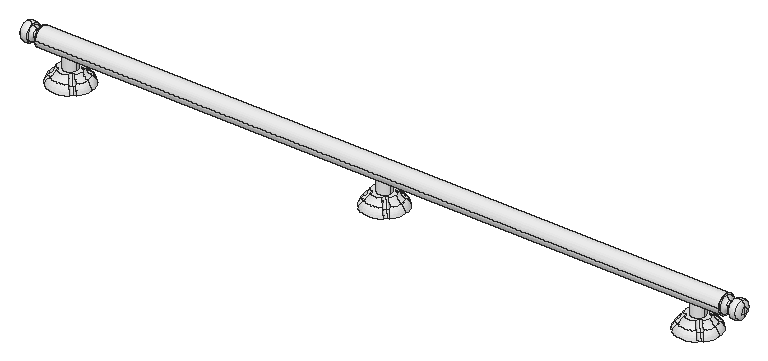
Revit family "Grab-Bar_Traditional_Guinevere_YG97042_TOTO", category Furniture, host Face, Revit 2013
Parameters (values of type "YR756")
  ecoScorecard_data = " "
  ecoScorecard Product Page = "  "
  Width = 4' - 0 1/8"  # constant formula
  Warranty URL = "http://www.totousa.com/warranty-registration"
  Warranty = "Lifetime Limited Warranty (Residential Use), One Year Limited (Commercial Use)"  # constant formula
  URL = "http://www.totousa.com"
  Toto Version = "V.02"  # constant formula
  Toto BIM Number = "BM-00221"  # constant formula
  Subcategory = "Accessories"  # constant formula
  Style = "Traditional"  # constant formula
  Spec Sheet URL = "http://assets.totousa.com/product-files/SS-00004_YG96024_YG96042_YG97024_YG97042.pdf"
  Shipping Weight = 7.30 lbf
  Series = "Guinevere"  # constant formula
  Product Page URL = " "
  Owners Manual URL = "  "
  Model = "YG97042"  # constant formula
  Manufacturer Toll Free Phone = "1-888-295-8134"  # constant formula
  Manufacturer Phone = "(770) 282-8686"  # constant formula
  Manufacturer Fax = "(770) 282-0002"  # constant formula
  Manufacturer Email = "mailto:custservice@totousa.com "
  Manufacturer Address = "1155 Southern Road, Morrow, Georgia 30260"  # constant formula
  Manufacturer = "TOTO USA, Inc."  # constant formula
  Height = 0' - 2 13/16"  # constant formula
  Finish = Metal - TOTO - Chrome - Polished
  Description = "Grab Bar"
  Depth = 0' - 2 3/4"  # constant formula
  Default Elevation = 3' - 0"
  Cost Info = "mailto:custservice@totousa.com "
  Color Availability = "#CP  Polished Chrome, #RB Oil Rubbed Bronze"  # constant formula
  CAD Drawing URL = "http://assets.totousa.com/product-files/AD-00099_YG97042.dxf"
  Assembly Code = "C1030200"
  ADA Compliant = yes
  95 CSI = "10800"  # constant formula
  04 CSI = "10 28 00"  # constant formula
Reference planes (in)
  plane 1 "Center (Front/Back)": y = 0
  plane 2: z = 0
  plane 3 "Center (Left/Right)": x = 0
  plane 4: z = 2.75
  plane 5: z = 2.12638
  plane 6: z = 0.88622
  plane 7: x = -24.0625
  plane 8: x = 24.0625
  plane 9: x = -20.99961
  plane 10: x = 20.99961
  plane 11: x = -22.87657
  plane 12: x = 22.87657
  plane 13: y = -1.40625
  plane 14: y = 1.40625
  plane 15: x = -22.40453
  plane 16: x = -19.59469
  plane 17: x = -1.40492
  plane 18: x = 1.40492
  plane 19: x = 22.40453
  plane 20: x = 19.59469
Forms (in)
  Extrusion 1, solid, material "Metal - TOTO - Chrome - Polished" <- "Finish"
    sketch origin (-9, 0, 0) x (1, 0, 0) y (0, 1, 0)
      loop
        circle (-11.99961, 0) r 0.43622
    from 0.88622 to 2.12638
  Extrusion 2, solid, material "Metal - TOTO - Chrome - Polished" <- "Finish"
    sketch origin (-11.32812, -0.32755, 0) x (0, 1, 0) y (0, 0, 1)
      loop
        circle (0.32755, 2.12638) r 0.62362
    from -11.54845 to 34.2047
  Extrusion 3, solid, material "Metal - TOTO - Chrome - Polished" <- "Finish"
    sketch origin (9, 0, 0) x (-1, 0, 0) y (0, -1, 0)
      loop
        circle (-11.99961, 0) r 0.43622
    from 0.88622 to 2.12638
  Revolve 4, solid, material "Metal - TOTO - Chrome - Polished" <- "Finish"
    sketch origin (-9, 0, 92.27586) x (0, 0, 1) y (1, 0, 0)
      loop
        arc (-90.7731, -13.87657) -> (-90.76364, -13.89941) -> (-90.74081, -13.90886) r 0.03228
        arc (-90.74081, -13.90886) -> (-90.54556, -13.96886) -> (-90.41779, -14.12822) r 0.34737
        line (-90.41779, -14.12822) -> (-90.41779, -14.25129)
        arc (-90.41779, -14.25129) -> (-90.49409, -14.39691) -> (-90.63605, -14.47982) r 0.29767
        line (-90.63605, -14.47982) -> (-90.6984, -14.47982)
        arc (-90.6984, -14.47982) -> (-90.74663, -14.69852) -> (-90.6984, -14.91722) r 0.51997
        arc (-90.6984, -14.91722) -> (-90.54418, -15.02457) -> (-90.36012, -15.0624) r 0.46672
        line (-90.36012, -15.0624) -> (-90.14948, -15.0624) -> (-90.14948, -13.87657) -> (-90.7731, -13.87657)
      axis (-90.14948, -15.0624) -> (-90.14948, -13.87657)
    angle from 0 to 360
  Extrusion 5, solid, material "Metal - TOTO - Chrome - Polished" <- "Finish"
    sketch origin (11.99961, 0, 0) x (1, 0, 0) y (0, 1, 0)
      loop
        circle (-11.99961, 0) r 0.43622
    from 0.88622 to 2.12638
  Revolve 6, solid, material "Metal - TOTO - Chrome - Polished" <- "Finish"
    sketch origin (9, 0, 92.27586) x (0, 0, 1) y (1, 0, 0)
      loop
        line (-90.7731, 13.87657) -> (-90.14948, 13.87657) -> (-90.14948, 15.0624) -> (-90.36012, 15.0624)
        arc (-90.36012, 15.0624) -> (-90.54418, 15.02457) -> (-90.6984, 14.91722) r 0.46672
        arc (-90.6984, 14.91722) -> (-90.74661, 14.69857) -> (-90.6984, 14.47992) r 0.51995
        line (-90.6984, 14.47992) -> (-90.63605, 14.47992)
        arc (-90.63605, 14.47992) -> (-90.49402, 14.39691) -> (-90.41779, 14.25112) r 0.29761
        line (-90.41779, 14.25112) -> (-90.41779, 14.12805)
        arc (-90.41779, 14.12805) -> (-90.54561, 13.96881) -> (-90.74081, 13.90886) r 0.34747
        arc (-90.74081, 13.90886) -> (-90.76364, 13.89941) -> (-90.7731, 13.87657) r 0.03228
      axis (-90.14948, 15.0624) -> (-90.14948, 13.87657)
    angle from 0 to 360
  Extrusion 7, solid, material "Metal - TOTO - Chrome - Polished" <- "Finish"
    sketch origin (-23.58692, 0, 0) x (1, 0, 0) y (0, 1, 0)
      loop
        circle (2.58732, 0) r 1.40492
    from 0 to 0.88622
  Revolve 8, void
    sketch origin (-20.99961, 0, 0) x (1, 0, 0) y (0, 0, 1)
      loop
        arc (-1.40492, 0) -> (-1.31347, 0.26895) -> (-1.12628, 0.48263) r 0.73001
        arc (-1.12628, 0.48263) -> (-0.93798, 0.66538) -> (-0.79626, 0.88622) r 1.14441
        line (-0.79626, 0.88622) -> (-1.60177, 0.88622) -> (-1.60177, 0) -> (-1.40492, 0)
      axis (0, 0.88622) -> (0, 0)
    angle from 0 to 360
  Sweep 9, void
    path origin (-1.0209, -20.0132, 0) x (0.707107, -0.707107, 0) y (0, 0, 1)
      loop
        arc (-29.71811, 0) -> (-29.61732, 0.26634) -> (-29.43207, 0.48262) r 0.82586
        arc (-29.43207, 0.48262) -> (-29.20154, 0.73) -> (-29.04321, 1.02878) r 1.29011
    profile origin (-21.96351, 0.92942, 0.26634) x (-0.608291, 0.608291, 0.509866) y (-0.707107, -0.707107, 0)
      loop
        circle (0, 0) r 0.19685
  Sweep 10, void
    path origin (-40.97831, -20.0132, 0) x (-0.707107, -0.707107, 0) y (0, 0, -1)
      loop
        arc (-29.71811, 0) -> (-29.61732, -0.26634) -> (-29.43207, -0.48262) r 0.82586
        arc (-29.43207, -0.48262) -> (-29.20154, -0.73) -> (-29.04321, -1.02878) r 1.29011
    profile origin (-20.0357, 0.92942, 0.26634) x (-0.608291, -0.608291, -0.509866) y (0.707107, -0.707107, 0)
      loop
        circle (0, 0) r 0.19685
  Sweep 11, void
    path origin (-1.0209, 19.94422, 0) x (0.707107, 0.707107, 0) y (0, 0, -1)
      loop
        arc (-29.71811, 0) -> (-29.61732, -0.26634) -> (-29.43207, -0.48262) r 0.82586
        arc (-29.43207, -0.48262) -> (-29.20154, -0.73) -> (-29.04321, -1.02878) r 1.29011
    profile origin (-21.96351, -0.99839, 0.26634) x (0.608291, 0.608291, -0.509866) y (-0.707107, 0.707107, 0)
      loop
        circle (0, 0) r 0.19685
  Sweep 12, void
    path origin (-40.97831, 19.94422, 0) x (-0.707107, 0.707107, 0) y (0, 0, 1)
      loop
        arc (-29.71811, 0) -> (-29.61732, 0.26634) -> (-29.43207, 0.48262) r 0.82586
        arc (-29.43207, 0.48262) -> (-29.20154, 0.73) -> (-29.04321, 1.02878) r 1.29011
    profile origin (-20.0357, -0.99839, 0.26634) x (0.608291, -0.608291, 0.509866) y (0.707107, 0.707107, 0)
      loop
        circle (0, 0) r 0.19685
  Extrusion 13, solid, material "Metal - TOTO - Chrome - Polished" <- "Finish"
    sketch origin (-2.58732, 0, 0) x (1, 0, 0) y (0, 1, 0)
      loop
        circle (2.58732, 0) r 1.40492
    from 0 to 0.88622
  Revolve 14, void
    sketch origin (0, 0, 0) x (1, 0, 0) y (0, 0, 1)
      loop
        arc (-1.40492, 0) -> (-1.31347, 0.26895) -> (-1.12628, 0.48263) r 0.73001
        arc (-1.12628, 0.48263) -> (-0.93798, 0.66538) -> (-0.79626, 0.88622) r 1.14441
        line (-0.79626, 0.88622) -> (-1.60177, 0.88622) -> (-1.60177, 0) -> (-1.40492, 0)
      axis (0, 0.88622) -> (0, 0)
    angle from 0 to 360
  Sweep 15, void
    path origin (19.97871, -20.0132, 0) x (0.707107, -0.707107, 0) y (0, 0, 1)
      loop
        arc (-29.71811, 0) -> (-29.61732, 0.26634) -> (-29.43207, 0.48262) r 0.82586
        arc (-29.43207, 0.48262) -> (-29.20154, 0.73) -> (-29.04321, 1.02878) r 1.29011
    profile origin (-0.96391, 0.92942, 0.26634) x (-0.608291, 0.608291, 0.509866) y (-0.707107, -0.707107, 0)
      loop
        circle (0, 0) r 0.19685
  Sweep 16, void
    path origin (-19.97871, -20.0132, 0) x (-0.707107, -0.707107, 0) y (0, 0, -1)
      loop
        arc (-29.71811, 0) -> (-29.61732, -0.26634) -> (-29.43207, -0.48262) r 0.82586
        arc (-29.43207, -0.48262) -> (-29.20154, -0.73) -> (-29.04321, -1.02878) r 1.29011
    profile origin (0.96391, 0.92942, 0.26634) x (-0.608291, -0.608291, -0.509866) y (0.707107, -0.707107, 0)
      loop
        circle (0, 0) r 0.19685
  Sweep 17, void
    path origin (19.97871, 19.94422, 0) x (0.707107, 0.707107, 0) y (0, 0, -1)
      loop
        arc (-29.71811, 0) -> (-29.61732, -0.26634) -> (-29.43207, -0.48262) r 0.82586
        arc (-29.43207, -0.48262) -> (-29.20154, -0.73) -> (-29.04321, -1.02878) r 1.29011
    profile origin (-0.96391, -0.99839, 0.26634) x (0.608291, 0.608291, -0.509866) y (-0.707107, 0.707107, 0)
      loop
        circle (0, 0) r 0.19685
  Sweep 18, void
    path origin (-19.97871, 19.94422, 0) x (-0.707107, 0.707107, 0) y (0, 0, 1)
      loop
        arc (-29.71811, 0) -> (-29.61732, 0.26634) -> (-29.43207, 0.48262) r 0.82586
        arc (-29.43207, 0.48262) -> (-29.20154, 0.73) -> (-29.04321, 1.02878) r 1.29011
    profile origin (0.96391, -0.99839, 0.26634) x (0.608291, -0.608291, 0.509866) y (0.707107, 0.707107, 0)
      loop
        circle (0, 0) r 0.19685
  Extrusion 19, solid, material "Metal - TOTO - Chrome - Polished" <- "Finish"
    sketch origin (18.41229, 0, 0) x (1, 0, 0) y (0, 1, 0)
      loop
        circle (2.58732, 0) r 1.40492
    from 0 to 0.88622
  Revolve 20, void
    sketch origin (20.99961, 0, 0) x (1, 0, 0) y (0, 0, 1)
      loop
        arc (-1.40492, 0) -> (-1.31347, 0.26895) -> (-1.12628, 0.48263) r 0.73001
        arc (-1.12628, 0.48263) -> (-0.93798, 0.66538) -> (-0.79626, 0.88622) r 1.14441
        line (-0.79626, 0.88622) -> (-1.60177, 0.88622) -> (-1.60177, 0) -> (-1.40492, 0)
      axis (0, 0.88622) -> (0, 0)
    angle from 0 to 360
  Sweep 21, void
    path origin (40.97831, -20.0132, 0) x (0.707107, -0.707107, 0) y (0, 0, 1)
      loop
        arc (-29.71811, 0.00001) -> (-29.61732, 0.26635) -> (-29.43207, 0.48263) r 0.82586
        arc (-29.43207, 0.48263) -> (-29.20154, 0.73) -> (-29.04321, 1.02879) r 1.29011
    profile origin (20.0357, 0.92942, 0.26635) x (-0.608291, 0.608291, 0.509866) y (-0.707107, -0.707107, 0)
      loop
        circle (0, 0) r 0.19685
  Sweep 22, void
    path origin (1.0209, -20.0132, 0) x (-0.707107, -0.707107, 0) y (0, 0, -1)
      loop
        arc (-29.71811, 0) -> (-29.61732, -0.26634) -> (-29.43207, -0.48262) r 0.82586
        arc (-29.43207, -0.48262) -> (-29.20154, -0.73) -> (-29.04321, -1.02878) r 1.29011
    profile origin (21.96351, 0.92942, 0.26634) x (-0.608291, -0.608291, -0.509866) y (0.707107, -0.707107, 0)
      loop
        circle (0, 0) r 0.19685
  Sweep 23, void
    path origin (40.97831, 19.94422, 0) x (0.707107, 0.707107, 0) y (0, 0, -1)
      loop
        arc (-29.71811, 0) -> (-29.61732, -0.26634) -> (-29.43207, -0.48262) r 0.82586
        arc (-29.43207, -0.48262) -> (-29.20154, -0.73) -> (-29.04321, -1.02878) r 1.29011
    profile origin (20.0357, -0.99839, 0.26634) x (0.608291, 0.608291, -0.509866) y (-0.707107, 0.707107, 0)
      loop
        circle (0, 0) r 0.19685
  Sweep 24, void
    path origin (1.0209, 19.94422, 0) x (-0.707107, 0.707107, 0) y (0, 0, 1)
      loop
        arc (-29.71811, 0) -> (-29.61732, 0.26634) -> (-29.43207, 0.48262) r 0.82586
        arc (-29.43207, 0.48262) -> (-29.20154, 0.73) -> (-29.04321, 1.02878) r 1.29011
    profile origin (21.96351, -0.99839, 0.26634) x (0.608291, -0.608291, 0.509866) y (0.707107, 0.707107, 0)
      loop
        circle (0, 0) r 0.19685
Cuts and joins
  Revolve 14, Sweep 15, Sweep 16, Sweep 17, Sweep 18, Revolve 20, Sweep 21, Sweep 22, Sweep 23, Sweep 24 cuts Extrusion 1
  Revolve 14, Sweep 15, Sweep 16, Sweep 17, Sweep 18, Revolve 20, Sweep 21, Sweep 22, Sweep 23, Sweep 24 cuts Extrusion 2
  Revolve 14, Sweep 15, Sweep 16, Sweep 17, Sweep 18, Revolve 20, Sweep 21, Sweep 22, Sweep 23, Sweep 24 cuts Extrusion 3
  Revolve 14, Sweep 15, Sweep 16, Sweep 17, Sweep 18, Revolve 20, Sweep 21, Sweep 22, Sweep 23, Sweep 24 cuts Extrusion 5
  joined: Extrusion 1, Extrusion 2, Extrusion 3, Extrusion 5
  Revolve 8, Sweep 9, Sweep 10, Sweep 11, Sweep 12, Revolve 14, Sweep 15, Sweep 16, Sweep 17, Sweep 18 cuts Extrusion 7
  Revolve 14, Sweep 15, Sweep 16, Sweep 17, Sweep 18, Revolve 20, Sweep 21, Sweep 22, Sweep 23, Sweep 24 cuts Extrusion 13
  Revolve 20, Sweep 21, Sweep 22, Sweep 23, Sweep 24 cuts Extrusion 19
Lines and regions (in)
  Masking region 1
    outline origin (0, 0, 0) x (1, 0, 0) y (0, 0, 1)
      loop
        line (-22.40453, 0) -> (-19.59469, 0)
        arc (-19.59469, 0) -> (-19.69482, 0.28431) -> (-19.89884, 0.5062) r 0.74965
        arc (-19.89884, 0.5062) -> (-20.07694, 0.6755) -> (-20.20335, 0.88622) r 0.91159
        line (-20.20335, 0.88622) -> (-20.56339, 0.88622) -> (-20.56339, 1.50276) -> (-0.43622, 1.50276) -> (-0.43622, 0.88622) -> (-0.79626, 0.88622)
        arc (-0.79626, 0.88622) -> (-0.92267, 0.6755) -> (-1.10076, 0.5062) r 0.91159
        arc (-1.10076, 0.5062) -> (-1.30479, 0.28431) -> (-1.40492, 0) r 0.74965
        line (-1.40492, 0) -> (1.40492, 0)
        arc (1.40492, 0) -> (1.30479, 0.28431) -> (1.10076, 0.5062) r 0.74965
        arc (1.10076, 0.5062) -> (0.92267, 0.6755) -> (0.79626, 0.88622) r 0.91159
        line (0.79626, 0.88622) -> (0.43622, 0.88622) -> (0.43622, 1.50276) -> (20.56339, 1.50276) -> (20.56339, 0.88622) -> (20.20335, 0.88622)
        arc (20.20335, 0.88622) -> (20.07694, 0.6755) -> (19.89884, 0.5062) r 0.91159
        arc (19.89884, 0.5062) -> (19.69482, 0.28431) -> (19.59469, 0) r 0.74965
        line (19.59469, 0) -> (22.40453, 0)
        arc (22.40453, 0) -> (22.3044, 0.28431) -> (22.10037, 0.5062) r 0.74965
        arc (22.10037, 0.5062) -> (21.92227, 0.6755) -> (21.79587, 0.88622) r 0.91159
        line (21.79587, 0.88622) -> (21.43583, 0.88622) -> (21.43583, 1.50276) -> (22.87724, 1.50276)
        arc (22.87724, 1.50276) -> (22.90182, 1.51294) -> (22.91201, 1.53752) r 0.03477
        arc (22.91201, 1.53752) -> (22.96811, 1.73288) -> (23.12822, 1.85807) r 0.32927
        line (23.12822, 1.85807) -> (23.25129, 1.85807)
        arc (23.25129, 1.85807) -> (23.39691, 1.78176) -> (23.47982, 1.63981) r 0.29772
        line (23.47982, 1.63981) -> (23.47982, 1.57745)
        arc (23.47982, 1.57745) -> (23.70451, 1.53061) -> (23.92809, 1.58248) r 0.53365
        arc (23.92809, 1.58248) -> (24.02553, 1.72483) -> (24.0625, 1.89333) r 0.45174
        line (24.0625, 1.89333) -> (24.0625, 2.12638) -> (24.0625, 2.35942)
        arc (24.0625, 2.35942) -> (24.02553, 2.52792) -> (23.92809, 2.67028) r 0.45174
        arc (23.92809, 2.67028) -> (23.70451, 2.72214) -> (23.47982, 2.6753) r 0.53365
        line (23.47982, 2.6753) -> (23.47982, 2.61295)
        arc (23.47982, 2.61295) -> (23.39691, 2.47099) -> (23.25129, 2.39469) r 0.29772
        line (23.25129, 2.39469) -> (23.12822, 2.39469)
        arc (23.12822, 2.39469) -> (22.96811, 2.51988) -> (22.91201, 2.71523) r 0.32927
        arc (22.91201, 2.71523) -> (22.90182, 2.73982) -> (22.87724, 2.75) r 0.03477
        line (22.87724, 2.75) -> (-22.87724, 2.75)
        arc (-22.87724, 2.75) -> (-22.90182, 2.73982) -> (-22.91201, 2.71523) r 0.03477
        arc (-22.91201, 2.71523) -> (-22.96811, 2.51988) -> (-23.12822, 2.39469) r 0.32927
        line (-23.12822, 2.39469) -> (-23.25129, 2.39469)
        arc (-23.25129, 2.39469) -> (-23.39691, 2.47099) -> (-23.47982, 2.61295) r 0.29772
        line (-23.47982, 2.61295) -> (-23.47982, 2.6753)
        arc (-23.47982, 2.6753) -> (-23.70451, 2.72214) -> (-23.92809, 2.67028) r 0.53365
        arc (-23.92809, 2.67028) -> (-24.02553, 2.52792) -> (-24.0625, 2.35942) r 0.45174
        line (-24.0625, 2.35942) -> (-24.0625, 2.12638) -> (-24.0625, 1.89333)
        arc (-24.0625, 1.89333) -> (-24.02553, 1.72483) -> (-23.92809, 1.58248) r 0.45174
        arc (-23.92809, 1.58248) -> (-23.70451, 1.53061) -> (-23.47982, 1.57745) r 0.53365
        line (-23.47982, 1.57745) -> (-23.47982, 1.63981)
        arc (-23.47982, 1.63981) -> (-23.39691, 1.78176) -> (-23.25129, 1.85807) r 0.29772
        line (-23.25129, 1.85807) -> (-23.12822, 1.85807)
        arc (-23.12822, 1.85807) -> (-22.96811, 1.73288) -> (-22.91201, 1.53752) r 0.32927
        arc (-22.91201, 1.53752) -> (-22.90182, 1.51294) -> (-22.87724, 1.50276) r 0.03477
        line (-22.87724, 1.50276) -> (-21.43583, 1.50276) -> (-21.43583, 0.88622) -> (-21.79587, 0.88622)
        arc (-21.79587, 0.88622) -> (-21.92227, 0.6755) -> (-22.10037, 0.5062) r 0.91159
        arc (-22.10037, 0.5062) -> (-22.3044, 0.28431) -> (-22.40453, 0) r 0.74965
  symbolic lines
    curve 1: arc (-21.43583, -0.32813, 1.50276) -> (-20.99961, -0.32813, 1.67895) -> (-20.56339, -0.32813, 1.50276) r 0.62809
    curve 2: arc (-0.43622, -0.32813, 1.50276) -> (0, -0.32813, 1.67677) -> (0.43622, -0.32813, 1.50276) r 0.63377
    curve 3: arc (20.56339, -0.32813, 1.50276) -> (20.99961, -0.32813, 1.67419) -> (21.43583, -0.32813, 1.50276) r 0.64071
    curve 6: line (-22.87657, -0.32813, 2.75) -> (-22.87657, -0.32813, 1.50276)
    curve 11: line (22.87657, -0.32813, 2.75) -> (22.87657, -0.32813, 1.50276)
  symbolic lines, detail levels medium+fine
    curve 4: line (21.43583, -0.32813, 0.88622) -> (20.56339, -0.32813, 0.88622)
    curve 5: line (0.43622, -0.32813, 0.88622) -> (-0.43622, -0.32813, 0.88622)
    curve 40: line (-20.56339, -0.32813, 0.88622) -> (-21.43583, -0.32813, 0.88622)
  symbolic lines, detail levels fine
    curve 7: line (-23.12795, -0.32813, 2.39469) -> (-23.12795, -0.32813, 1.85807)
    curve 8: line (-23.25103, -0.32813, 2.39469) -> (-23.25103, -0.32813, 1.85807)
    curve 9: line (-23.47982, -0.32813, 2.67028) -> (-23.47982, -0.32813, 1.58248)
    curve 10: line (-23.91722, -0.32813, 2.67028) -> (-23.91722, -0.32813, 1.58248)
    curve 12: line (23.12805, -0.32813, 2.39469) -> (23.12805, -0.32813, 1.85807)
    curve 13: line (23.25112, -0.32813, 2.39469) -> (23.25112, -0.32813, 1.85807)
    curve 14: line (23.47992, -0.32813, 2.67028) -> (23.47992, -0.32813, 1.58248)
    curve 15: line (23.91722, -0.32813, 2.67028) -> (23.91722, -0.32813, 1.58248)
    curve 16: spline (-22.09395, 0, 0) -> (-22.08949, 0, 0.04567) -> (-22.08298, 0, 0.09075) -> (-22.07442, 0, 0.13507) -> (-22.06387, 0, 0.17845) -> (-22.05136, 0, 0.2207) -> (-22.03693, 0, 0.26167) -> (-22.02066, 0, 0.30118) -> (-22.0026, 0, 0.33909) -> (-21.98282, 0, 0.37523) -> (-21.96141, 0, 0.40945) -> (-21.93846, 0, 0.44163) -> (-21.91405, 0, 0.47164)
    curve 17: spline (-21.91405, 0, 0.47164) -> (-21.88773, 0, 0.49941) -> (-21.86224, 0, 0.52858) -> (-21.8376, 0, 0.55911) -> (-21.81387, 0, 0.59094) -> (-21.79107, 0, 0.62402) -> (-21.76923, 0, 0.65831) -> (-21.74841, 0, 0.69375) -> (-21.72861, 0, 0.73028) -> (-21.70989, 0, 0.76785) -> (-21.69226, 0, 0.80641) -> (-21.67575, 0, 0.84588) -> (-21.66039, 0, 0.88622)
    curve 18: spline (-21.64124, 0, 0.47283) -> (-21.66671, 0, 0.44289) -> (-21.69091, 0, 0.41073) -> (-21.71375, 0, 0.3765) -> (-21.73512, 0, 0.34033) -> (-21.75494, 0, 0.30236) -> (-21.77314, 0, 0.26275) -> (-21.78963, 0, 0.22167) -> (-21.80435, 0, 0.17927) -> (-21.81723, 0, 0.13574) -> (-21.82824, 0, 0.09125) -> (-21.83732, 0, 0.04598) -> (-21.84443, 0, 0.00012)
    curve 19: spline (-21.40542, 0, 0.88608) -> (-21.42005, 0, 0.84589) -> (-21.43569, 0, 0.80656) -> (-21.4523, 0, 0.76815) -> (-21.46986, 0, 0.73071) -> (-21.48836, 0, 0.69431) -> (-21.50775, 0, 0.65899) -> (-21.52801, 0, 0.62482) -> (-21.54911, 0, 0.59184) -> (-21.57102, 0, 0.5601) -> (-21.5937, 0, 0.52966) -> (-21.61712, 0, 0.50055) -> (-21.64124, 0, 0.47283)
    curve 20: spline (-20.15455, 0, 0.00025) -> (-20.16127, 0, 0.04605) -> (-20.17002, 0, 0.09125) -> (-20.18077, 0, 0.13568) -> (-20.19347, 0, 0.17914) -> (-20.20808, 0, 0.22147) -> (-20.22453, 0, 0.26249) -> (-20.24275, 0, 0.30204) -> (-20.26268, 0, 0.33995) -> (-20.28423, 0, 0.37607) -> (-20.30732, 0, 0.41026) -> (-20.33184, 0, 0.44237) -> (-20.35771, 0, 0.47228)
    curve 21: spline (-20.35771, 0, 0.47228) -> (-20.38223, 0, 0.50001) -> (-20.40598, 0, 0.52913) -> (-20.42894, 0, 0.55959) -> (-20.45105, 0, 0.59135) -> (-20.47229, 0, 0.62436) -> (-20.49263, 0, 0.65857) -> (-20.51203, 0, 0.69392) -> (-20.53046, 0, 0.73036) -> (-20.5479, 0, 0.76784) -> (-20.56432, 0, 0.8063) -> (-20.5797, 0, 0.84568) -> (-20.594, 0, 0.88592)
    curve 22: spline (-20.33882, 0, 0.88622) -> (-20.3239, 0, 0.84645) -> (-20.30783, 0, 0.80752) -> (-20.29063, 0, 0.76948) -> (-20.27232, 0, 0.73239) -> (-20.25293, 0, 0.69631) -> (-20.23249, 0, 0.66128) -> (-20.21103, 0, 0.62737) -> (-20.18858, 0, 0.59463) -> (-20.16518, 0, 0.5631) -> (-20.14087, 0, 0.53283) -> (-20.11567, 0, 0.50386) -> (-20.08963, 0, 0.47625)
    curve 23: spline (-20.08963, 0, 0.47625) -> (-20.06432, 0, 0.44617) -> (-20.04054, 0, 0.41385) -> (-20.0184, 0, 0.3794) -> (-19.99798, 0, 0.34298) -> (-19.97938, 0, 0.30474) -> (-19.96266, 0, 0.26483) -> (-19.9479, 0, 0.22342) -> (-19.93515, 0, 0.18068) -> (-19.92448, 0, 0.13678) -> (-19.91591, 0, 0.09191) -> (-19.9095, 0, 0.04626) -> (-19.90527, 0, 0)
    curve 24: spline (-1.09434, 0, 0) -> (-1.08989, 0, 0.04567) -> (-1.08337, 0, 0.09075) -> (-1.07482, 0, 0.13507) -> (-1.06426, 0, 0.17845) -> (-1.05175, 0, 0.2207) -> (-1.03733, 0, 0.26167) -> (-1.02105, 0, 0.30118) -> (-1.00299, 0, 0.33909) -> (-0.98321, 0, 0.37523) -> (-0.96181, 0, 0.40945) -> (-0.93885, 0, 0.44163) -> (-0.91444, 0, 0.47164)
    curve 25: spline (-0.91444, 0, 0.47164) -> (-0.88812, 0, 0.49941) -> (-0.86263, 0, 0.52858) -> (-0.838, 0, 0.55911) -> (-0.81426, 0, 0.59094) -> (-0.79146, 0, 0.62402) -> (-0.76963, 0, 0.65831) -> (-0.7488, 0, 0.69375) -> (-0.72901, 0, 0.73028) -> (-0.71028, 0, 0.76785) -> (-0.69265, 0, 0.80641) -> (-0.67614, 0, 0.84588) -> (-0.66079, 0, 0.88622)
    curve 26: spline (-0.64163, 0, 0.47283) -> (-0.66711, 0, 0.44288) -> (-0.69131, 0, 0.41073) -> (-0.71414, 0, 0.3765) -> (-0.73552, 0, 0.34032) -> (-0.75534, 0, 0.30235) -> (-0.77353, 0, 0.26275) -> (-0.79002, 0, 0.22167) -> (-0.80474, 0, 0.17927) -> (-0.81763, 0, 0.13574) -> (-0.82863, 0, 0.09125) -> (-0.83771, 0, 0.04598) -> (-0.84482, 0, 0.00012)
    curve 27: spline (-0.40582, 0, 0.88608) -> (-0.42045, 0, 0.84589) -> (-0.43608, 0, 0.80656) -> (-0.45269, 0, 0.76815) -> (-0.47026, 0, 0.73071) -> (-0.48875, 0, 0.6943) -> (-0.50814, 0, 0.65899) -> (-0.52841, 0, 0.62481) -> (-0.54951, 0, 0.59183) -> (-0.57141, 0, 0.5601) -> (-0.59409, 0, 0.52965) -> (-0.61751, 0, 0.50055) -> (-0.64163, 0, 0.47283)
    curve 28: spline (0.84505, 0, 0.00025) -> (0.83834, 0, 0.04605) -> (0.82959, 0, 0.09125) -> (0.81884, 0, 0.13568) -> (0.80614, 0, 0.17914) -> (0.79153, 0, 0.22147) -> (0.77508, 0, 0.26249) -> (0.75686, 0, 0.30203) -> (0.73693, 0, 0.33994) -> (0.71538, 0, 0.37606) -> (0.6923, 0, 0.41025) -> (0.66777, 0, 0.44236) -> (0.64191, 0, 0.47227)
    curve 29: spline (0.64191, 0, 0.47227) -> (0.61738, 0, 0.5) -> (0.59363, 0, 0.52912) -> (0.57068, 0, 0.55959) -> (0.54856, 0, 0.59135) -> (0.52732, 0, 0.62435) -> (0.50698, 0, 0.65856) -> (0.48758, 0, 0.69391) -> (0.46915, 0, 0.73036) -> (0.45171, 0, 0.76784) -> (0.43529, 0, 0.8063) -> (0.41991, 0, 0.84568) -> (0.4056, 0, 0.88592)
    curve 30: spline (0.66079, 0, 0.88622) -> (0.6757, 0, 0.84645) -> (0.69177, 0, 0.80752) -> (0.70898, 0, 0.76948) -> (0.72729, 0, 0.73239) -> (0.74668, 0, 0.69631) -> (0.76712, 0, 0.66128) -> (0.78858, 0, 0.62737) -> (0.81102, 0, 0.59463) -> (0.83442, 0, 0.5631) -> (0.85874, 0, 0.53283) -> (0.88394, 0, 0.50386) -> (0.90998, 0, 0.47625)
    curve 31: spline (0.90998, 0, 0.47625) -> (0.93529, 0, 0.44617) -> (0.95907, 0, 0.41385) -> (0.98121, 0, 0.3794) -> (1.00162, 0, 0.34298) -> (1.02023, 0, 0.30474) -> (1.03695, 0, 0.26483) -> (1.05171, 0, 0.22342) -> (1.06446, 0, 0.18068) -> (1.07513, 0, 0.13678) -> (1.08369, 0, 0.09191) -> (1.0901, 0, 0.04626) -> (1.09434, 0, 0)
    curve 32: spline (19.90527, 0, 0) -> (19.90972, 0, 0.04567) -> (19.91624, 0, 0.09075) -> (19.92479, 0, 0.13507) -> (19.93534, 0, 0.17845) -> (19.94786, 0, 0.2207) -> (19.96228, 0, 0.26167) -> (19.97856, 0, 0.30118) -> (19.99662, 0, 0.33909) -> (20.01639, 0, 0.37523) -> (20.0378, 0, 0.40945) -> (20.06076, 0, 0.44163) -> (20.08517, 0, 0.47164)
    curve 33: spline (20.08517, 0, 0.47164) -> (20.11148, 0, 0.49941) -> (20.13698, 0, 0.52858) -> (20.16161, 0, 0.55911) -> (20.18535, 0, 0.59094) -> (20.20815, 0, 0.62402) -> (20.22998, 0, 0.65831) -> (20.25081, 0, 0.69375) -> (20.2706, 0, 0.73028) -> (20.28932, 0, 0.76785) -> (20.30695, 0, 0.80641) -> (20.32346, 0, 0.84588) -> (20.33882, 0, 0.88622)
    curve 34: spline (20.35797, 0, 0.47283) -> (20.3325, 0, 0.44288) -> (20.3083, 0, 0.41073) -> (20.28546, 0, 0.3765) -> (20.26409, 0, 0.34032) -> (20.24427, 0, 0.30235) -> (20.22607, 0, 0.26275) -> (20.20958, 0, 0.22167) -> (20.19487, 0, 0.17927) -> (20.18198, 0, 0.13574) -> (20.17097, 0, 0.09125) -> (20.1619, 0, 0.04598) -> (20.15478, 0, 0.00012)
    curve 35: spline (20.59379, 0, 0.88608) -> (20.57916, 0, 0.84589) -> (20.56353, 0, 0.80656) -> (20.54691, 0, 0.76815) -> (20.52935, 0, 0.73071) -> (20.51085, 0, 0.6943) -> (20.49146, 0, 0.65899) -> (20.4712, 0, 0.62481) -> (20.4501, 0, 0.59183) -> (20.42819, 0, 0.5601) -> (20.40551, 0, 0.52965) -> (20.38209, 0, 0.50055) -> (20.35797, 0, 0.47283)
    curve 36: spline (21.84466, 0, 0.00025) -> (21.83794, 0, 0.04605) -> (21.82919, 0, 0.09125) -> (21.81844, 0, 0.13568) -> (21.80574, 0, 0.17914) -> (21.79114, 0, 0.22147) -> (21.77469, 0, 0.26249) -> (21.75646, 0, 0.30203) -> (21.73654, 0, 0.33994) -> (21.71499, 0, 0.37606) -> (21.6919, 0, 0.41025) -> (21.66738, 0, 0.44236) -> (21.64151, 0, 0.47227)
    curve 37: spline (21.64151, 0, 0.47227) -> (21.61699, 0, 0.5) -> (21.59323, 0, 0.52912) -> (21.57028, 0, 0.55959) -> (21.54817, 0, 0.59135) -> (21.52693, 0, 0.62435) -> (21.50659, 0, 0.65856) -> (21.48719, 0, 0.69391) -> (21.46875, 0, 0.73036) -> (21.45131, 0, 0.76784) -> (21.43489, 0, 0.8063) -> (21.41952, 0, 0.84568) -> (21.40521, 0, 0.88592)
    curve 38: spline (21.66039, 0, 0.88622) -> (21.67531, 0, 0.84645) -> (21.69138, 0, 0.80752) -> (21.70859, 0, 0.76948) -> (21.7269, 0, 0.73239) -> (21.74629, 0, 0.69631) -> (21.76673, 0, 0.66128) -> (21.78819, 0, 0.62737) -> (21.81063, 0, 0.59463) -> (21.83403, 0, 0.5631) -> (21.85835, 0, 0.53283) -> (21.88354, 0, 0.50386) -> (21.90958, 0, 0.47625)
    curve 39: spline (21.90958, 0, 0.47625) -> (21.9349, 0, 0.44617) -> (21.95867, 0, 0.41385) -> (21.98082, 0, 0.3794) -> (22.00123, 0, 0.34298) -> (22.01984, 0, 0.30474) -> (22.03656, 0, 0.26483) -> (22.05132, 0, 0.22342) -> (22.06406, 0, 0.18068) -> (22.07474, 0, 0.13678) -> (22.0833, 0, 0.09191) -> (22.08971, 0, 0.04626) -> (22.09395, 0, 0)
Dimensions and locks (in)
  "Depth": plane 4 to plane 2
  locked: plane 5 to plane 2 at 2.12638
  locked: plane 6 to plane 2 at 0.88622
  equal spacing: plane 8, plane 3 "Center (Left/Right)", plane 7
  "Width": plane 8 to plane 7
  locked: plane 10 to plane 9 at 41.99921
  equal spacing: plane 10, plane 3 "Center (Left/Right)", plane 9
  locked: plane 12 to plane 11 at 45.75315
  equal spacing: plane 12, plane 3 "Center (Left/Right)", plane 11
  "Height": plane 13 to plane 14
  equal spacing: plane 13, plane 1 "Center (Front/Back)", plane 14
  locked: plane 16 to plane 15 at 2.80984
  equal spacing: plane 16, plane 9, plane 15
  locked: plane 1 "Center (Front/Back)" to Extrusion 1 sketch curve at 0
  locked: Extrusion 1 sketch curve to plane 9 at 0
  locked: plane 1 "Center (Front/Back)" to Extrusion 3 sketch curve at 0
  locked: Extrusion 3 sketch curve to plane 10 at 0
  locked: plane 1 "Center (Front/Back)" to Extrusion 5 sketch curve at 0
  locked: Extrusion 5 sketch curve to plane 3 "Center (Left/Right)" at 0
  locked: plane 1 "Center (Front/Back)" to Extrusion 7 sketch curve at 0
  locked: Extrusion 7 sketch curve to plane 9 at 0
  locked: plane 1 "Center (Front/Back)" to Extrusion 13 sketch curve at 0
  locked: Extrusion 13 sketch curve to plane 3 "Center (Left/Right)" at 0
  locked: plane 1 "Center (Front/Back)" to Extrusion 19 sketch curve at 0
  locked: Extrusion 19 sketch curve to plane 10 at 0
  locked: plane 18 to plane 17 at 2.80984
  equal spacing: plane 18, plane 3 "Center (Left/Right)", plane 17
  locked: plane 20 to plane 19 at 2.80984
  locked: Extrusion 2 sketch curve to plane 1 "Center (Front/Back)" at 0
  locked: Extrusion 2 sketch curve to plane 5 at 0
  locked: Revolve 4 sketch curve to plane 11 at 0
  locked: Revolve 4 sketch curve to plane 5 at 0  (x2)
  locked: Revolve 4 sketch curve to plane 5 at 0.07718
  locked: plane 7 to Revolve 4 sketch curve at 0.0001
  locked: Revolve 4 sketch curve to Revolve 4 sketch curve at 0.21064
  locked: Revolve 4 sketch curve to plane 5 at 0.26831
  locked: Revolve 4 sketch curve to Revolve 4 sketch curve at 0.27593
  locked: Revolve 4 sketch curve to Revolve 4 sketch curve at 0.06235
  locked: plane 7 to Revolve 4 sketch curve at 0.14528
  locked: Revolve 4 sketch curve to Revolve 4 sketch curve at 0.33829
  locked: Revolve 4 sketch curve to Revolve 4 sketch curve at 0.01095
  locked: Revolve 4 sketch curve to Revolve 4 sketch curve at 0.03136
  locked: Revolve 4 sketch curve to plane 11 at 0.03228
  locked: Revolve 4 sketch curve to Revolve 4 sketch curve at 0.03145
  locked: Revolve 4 sketch curve to plane 7 at 0.3936
  locked: Revolve 4 sketch curve to Revolve 4 sketch curve at 0.10284
  locked: Revolve 4 sketch curve to Revolve 4 sketch curve at 0.22359
  locked: Revolve 4 sketch curve to Revolve 4 sketch curve at 0.12307
  locked: Revolve 4 sketch curve to plane 15 at 0.19833
  locked: plane 12 to Revolve 6 sketch curve at 0
  locked: Revolve 6 sketch curve to plane 5 at 0  (x2)
  locked: Revolve 6 sketch curve to plane 5 at 0.07718
  locked: plane 8 to Revolve 6 sketch curve at 0.0001
  locked: Revolve 6 sketch curve to Revolve 6 sketch curve at 0.21064
  locked: Revolve 6 sketch curve to plane 5 at 0.26831
  locked: Revolve 6 sketch curve to Revolve 6 sketch curve at 0.27593
  locked: Revolve 6 sketch curve to Revolve 6 sketch curve at 0.06235
  locked: plane 8 to Revolve 6 sketch curve at 0.14528
  locked: Revolve 6 sketch curve to Revolve 6 sketch curve at 0.33829
  locked: Revolve 6 sketch curve to Revolve 6 sketch curve at 0.01095
  locked: Revolve 6 sketch curve to Revolve 6 sketch curve at 0.03136
  locked: Revolve 6 sketch curve to plane 12 at 0.03228
  locked: Revolve 6 sketch curve to Revolve 6 sketch curve at 0.03145
  locked: Revolve 6 sketch curve to plane 19 at 0.19833
  locked: Revolve 6 sketch curve to plane 12 at 0.25148
  locked: Revolve 6 sketch curve to Revolve 6 sketch curve at 0.06485
  locked: Revolve 6 sketch curve to Revolve 6 sketch curve at 0.12307
  locked: Revolve 6 sketch curve to plane 8 at 0.3936
  locked: Revolve 8 sketch curve to level at 0
  locked: Revolve 8 sketch curve to plane 6 at 0
  locked: Revolve 8 sketch curve to plane 15 at 0
  locked: Revolve 8 sketch curve to plane 9 at 0
  locked: Revolve 8 sketch curve to plane 15 at 0.19685
  locked: plane 11 to Revolve 8 sketch curve at 0.05305
  locked: plane 15 to Revolve 8 sketch curve at 0.27865
  locked: Revolve 8 sketch curve to Revolve 8 sketch curve
  locked: Revolve 8 sketch curve to Revolve 8 sketch curve at 0.33002
  locked: Revolve 8 sketch curve to level at 0.09606
  locked: Revolve 8 sketch curve to level at 0.30471
  locked: Revolve 8 sketch curve to Revolve 8 sketch curve at 0.5045
  locked: Revolve 14 sketch curve to level at 0
  locked: Revolve 14 sketch curve to plane 6 at 0
  locked: Revolve 14 sketch curve to plane 17 at 0
  locked: Revolve 14 sketch curve to plane 3 "Center (Left/Right)" at 0
  locked: Revolve 14 sketch curve to plane 17 at 0.19685
  locked: Revolve 14 sketch curve to plane 17 at 0.419
  locked: plane 17 to Revolve 14 sketch curve at 0.27865
  locked: Revolve 14 sketch curve to Revolve 14 sketch curve at 0
  locked: Revolve 14 sketch curve to Revolve 14 sketch curve at 0.33002
  locked: Revolve 14 sketch curve to level at 0.09606
  locked: Revolve 14 sketch curve to level at 0.30471
  locked: Revolve 14 sketch curve to Revolve 14 sketch curve at 0.5045
  locked: Revolve 20 sketch curve to level at 0
  locked: Revolve 20 sketch curve to plane 6 at 0
  locked: Revolve 20 sketch curve to plane 20 at 0
  locked: plane 10 to Revolve 20 sketch curve at 0
  locked: Revolve 20 sketch curve to plane 20 at 0.19685
  locked: Revolve 20 sketch curve to plane 20 at 0.419
  locked: plane 20 to Revolve 20 sketch curve at 0.27865
  locked: Revolve 20 sketch curve to Revolve 20 sketch curve
  locked: Revolve 20 sketch curve to Revolve 20 sketch curve at 0.33002
  locked: Revolve 20 sketch curve to level at 0.09606
  locked: Revolve 20 sketch curve to level at 0.30471
  locked: Revolve 20 sketch curve to Revolve 20 sketch curve at 0.5045
  equal spacing: plane 19, plane 10, plane 20
  locked: plane 9 to Sweep 11 sketch curve at 0.55794
  locked: plane 9 to Sweep 11 sketch curve at 1.03517
  locked: plane 15 to Sweep 11 sketch curve at 0.44102
  Sweep 11 sketch curve to plane 13 = 0' - 0.40786"
  locked: Sweep 12 sketch curve to plane 16 at 0.84698
  locked: Sweep 12 sketch curve to plane 16 at 0.36975
  locked: Sweep 12 sketch curve to plane 16 at 0.44102
  Sweep 12 sketch curve to plane 13 = 0' - 0.40786"
  locked: Sweep 10 sketch curve to plane 16 at 0.84698
  locked: Sweep 10 sketch curve to plane 16 at 0.36975
  locked: Sweep 10 sketch curve to plane 16 at 0.44102
  Sweep 10 sketch curve to plane 14 = 0' - 0.47683"
  locked: plane 9 to Sweep 9 sketch curve at 0.55794
  locked: plane 9 to Sweep 9 sketch curve at 1.03517
  Sweep 9 sketch curve to plane 14 = 0' - 0.47683"
  locked: plane 15 to Sweep 9 sketch curve at 0.44102
  locked: Sweep 18 sketch curve to plane 18 at 0.84698
  locked: Sweep 18 sketch curve to plane 18 at 0.36975
  locked: Sweep 18 sketch curve to plane 18 at 0.44102
  Sweep 18 sketch curve to plane 13 = 0' - 0.40786"
  locked: Sweep 16 sketch curve to plane 18 at 0.84698
  locked: Sweep 16 sketch curve to plane 18 at 0.36975
  Sweep 16 sketch curve to plane 14 = 0' - 0.47683"
  locked: Sweep 16 sketch curve to plane 18 at 0.44102
  locked: Sweep 15 sketch curve to plane 17 at 0.36975
  locked: Sweep 15 sketch curve to plane 17 at 0.84698
  locked: plane 17 to Sweep 15 sketch curve at 0.44102
  Sweep 15 sketch curve to plane 14 = 0' - 0.47683"
  locked: plane 3 "Center (Left/Right)" to Sweep 17 sketch curve at 0.55794
  locked: plane 3 "Center (Left/Right)" to Sweep 17 sketch curve at 1.03517
  locked: plane 17 to Sweep 17 sketch curve at 0.44102
  Sweep 17 sketch curve to plane 13 = 0' - 0.40786"
  locked: Sweep 24 sketch curve to plane 19 at 0.84698
  locked: Sweep 24 sketch curve to plane 19 at 0.36975
  locked: Sweep 24 sketch curve to plane 19 at 0.44102
  Sweep 24 sketch curve to plane 13 = 0' - 0.40786"
  locked: Sweep 22 sketch curve to plane 19 at 0.84698
  locked: Sweep 22 sketch curve to plane 19 at 0.36975
  locked: Sweep 22 sketch curve to plane 19 at 0.44102
  Sweep 22 sketch curve to plane 14 = 0' - 0.47683"
  locked: Sweep 21 sketch curve to plane 20 at 0.84698
  locked: plane 6 to Sweep 21 sketch curve at 0.88621
  Sweep 21 sketch curve to plane 14 = 0' - 0.47683"
  locked: plane 20 to Sweep 21 sketch curve at 0.44102
  locked: Sweep 23 sketch curve to plane 20 at 0.84698
  locked: Sweep 23 sketch curve to plane 20 at 0.36975
  locked: plane 20 to Sweep 23 sketch curve at 0.44102
  Sweep 23 sketch curve to plane 13 = 0' - 0.40786"
  locked: curve 16 to level at 0
  locked: curve 17 to plane 6 at 0
  locked: curve 22 to plane 6 at 0
  locked: curve 23 to level at 0
  locked: curve 24 to level at 0
  locked: curve 25 to plane 6 at 0
  locked: curve 30 to plane 6 at 0
  locked: curve 31 to level at 0
  locked: curve 32 to level at 0
  locked: curve 33 to plane 6 at 0
  locked: curve 38 to plane 6 at 0
  locked: curve 39 to level at 0
  locked: curve 17 to plane 15 at 0.01277
  locked: curve 17 to plane 15 at 0.01049
  locked: plane 15 to curve 19 at 0.28903
  locked: curve 19 to curve 16 at 0.02155
  locked: plane 15 to curve 19 at 0.32656
  locked: curve 19 to curve 16 at 0.20145
  locked: level to curve 18 at 0.00012
  locked: curve 16 to curve 18 at 0.24952
  locked: curve 17 to curve 17 at 0.25365
  locked: curve 17 to curve 18 at 0.27281
  locked: curve 19 to curve 16 at 0.02978
  locked: curve 16 to level at 0.09958
  locked: curve 18 to curve 16 at 0.26777
  locked: curve 19 to plane 6 at 0.00014
  locked: curve 17 to curve 19 at 0.25497
  locked: curve 18 to level at 0.10018
  locked: curve 16 to curve 18 at 0.22208
  locked: curve 18 to plane 6 at 0.25786
  locked: plane 9 to curve 20 at 0.30118
  locked: curve 20 to level at 0.10112
  locked: curve 18 to curve 20 at 0.69189
  locked: curve 21 to plane 6 at 0.0003
  locked: curve 20 to curve 21 at 0.10442
  locked: curve 23 to level at 0.0988
  locked: curve 20 to curve 23 at 0.22633
  locked: curve 23 to plane 6 at 0.25589
  locked: curve 23 to curve 20 at 0.02865
  locked: curve 21 to curve 22 at 0.25518
  locked: level to curve 20 at 0.00025
  locked: curve 23 to curve 20 at 0.2818
  locked: curve 20 to curve 23 at 0.26808
  locked: curve 20 to curve 23 at 0.24928
  locked: curve 23 to curve 21 at 0.01397
  locked: plane 16 to curve 21 at 0.28558
  locked: plane 16 to curve 22 at 0.00178
  locked: curve 22 to plane 16 at 0.03919
  locked: curve 25 to plane 17 at 0.01277
  locked: curve 25 to plane 17 at 0.01049
  locked: plane 17 to curve 27 at 0.28903
  locked: curve 27 to curve 24 at 0.02155
  locked: plane 17 to curve 27 at 0.32656
  locked: curve 27 to curve 25 at 0.20145
  locked: level to curve 26 at 0.00012
  locked: curve 24 to curve 26 at 0.24952
  locked: curve 24 to curve 25 at 0.25365
  locked: curve 24 to curve 26 at 0.27281
  locked: curve 26 to curve 24 at 0.02979
  locked: curve 24 to level at 0.09958
  locked: curve 26 to curve 24 at 0.26777
  locked: curve 27 to plane 6 at 0.00014
  locked: curve 25 to curve 27 at 0.25497
  locked: curve 26 to level at 0.10018
  locked: curve 24 to curve 26 at 0.22208
  locked: curve 26 to plane 6 at 0.25786
  locked: plane 3 "Center (Left/Right)" to curve 28 at 0.30118
  locked: curve 28 to level at 0.10112
  locked: plane 3 "Center (Left/Right)" to curve 28 at 0.33692
  locked: curve 29 to plane 6 at 0.0003
  locked: curve 28 to curve 29 at 0.10442
  locked: curve 31 to level at 0.0988
  locked: curve 28 to curve 31 at 0.22633
  locked: curve 31 to plane 6 at 0.25589
  locked: curve 31 to curve 28 at 0.02865
  locked: curve 29 to curve 30 at 0.25518
  locked: level to curve 28 at 0.00025
  locked: curve 31 to curve 28 at 0.2818
  locked: curve 28 to curve 30 at 0.26807
  locked: curve 28 to curve 31 at 0.24928
  locked: curve 31 to curve 29 at 0.01397
  locked: plane 18 to curve 29 at 0.28558
  locked: plane 18 to curve 30 at 0.00178
  locked: curve 30 to plane 18 at 0.03919
  locked: curve 33 to plane 20 at 0.01277
  locked: curve 33 to plane 20 at 0.01049
  locked: plane 20 to curve 35 at 0.28903
  locked: curve 35 to curve 32 at 0.02155
  locked: plane 20 to curve 35 at 0.32656
  locked: curve 35 to curve 33 at 0.20145
  locked: level to curve 34 at 0.00012
  locked: curve 32 to curve 34 at 0.24952
  locked: curve 32 to curve 33 at 0.25365
  locked: curve 32 to curve 35 at 0.27281
  locked: curve 34 to curve 32 at 0.02979
  locked: curve 32 to level at 0.09958
  locked: curve 34 to curve 32 at 0.26777
  locked: curve 35 to plane 6 at 0.00014
  locked: curve 33 to curve 35 at 0.25497
  locked: curve 34 to level at 0.10018
  locked: curve 32 to curve 34 at 0.22208
  locked: curve 34 to plane 6 at 0.25786
  locked: curve 36 to plane 10 at 0.30118
  locked: curve 36 to level at 0.10112
  locked: curve 34 to curve 36 at 0.69189
  locked: curve 37 to plane 6 at 0.0003
  locked: curve 36 to curve 37 at 0.10442
  locked: curve 39 to level at 0.0988
  locked: curve 36 to curve 39 at 0.22633
  locked: curve 39 to plane 6 at 0.25589
  locked: curve 39 to curve 36 at 0.02865
  locked: curve 37 to curve 38 at 0.25518
  locked: level to curve 36 at 0.00025
  locked: curve 39 to curve 36 at 0.2818
  locked: curve 36 to curve 38 at 0.26807
  locked: curve 36 to curve 39 at 0.24928
  locked: curve 39 to curve 37 at 0.01397
  locked: plane 19 to curve 37 at 0.28558
  locked: plane 19 to curve 38 at 0.00178
  locked: curve 38 to plane 19 at 0.03919
  locked: Masking region 1 sketch curve to plane 5 at 0  (x2)
  locked: Masking region 1 sketch curve to plane 7 at 0
  locked: Masking region 1 sketch curve to plane 4 at 0
  locked: Masking region 1 sketch curve to level at 0  (x3)
  locked: Masking region 1 sketch curve to plane 15 at 0
  locked: Masking region 1 sketch curve to plane 6 at 0  (x6)
  locked: plane 16 to Masking region 1 sketch curve at 0
  locked: Masking region 1 sketch curve to plane 17 at 0
  locked: plane 18 to Masking region 1 sketch curve at 0
  locked: Masking region 1 sketch curve to plane 20 at 0
  locked: plane 19 to Masking region 1 sketch curve at 0
  locked: plane 8 to Masking region 1 sketch curve at 0
  locked: Masking region 1 sketch curve to plane 4 at 0.07972
  locked: plane 7 to Masking region 1 sketch curve at 0.13441  (x2)
  locked: plane 5 to Masking region 1 sketch curve at 0.06215  (x2)
  locked: plane 7 to Masking region 1 sketch curve at 0.36398
  locked: Masking region 1 sketch curve to plane 5 at 0.06215  (x2)
  locked: Masking region 1 sketch curve to Masking region 1 sketch curve  (x5)
  locked: Masking region 1 sketch curve to Masking region 1 sketch curve at 0.08764  (x3)
  locked: Masking region 1 sketch curve to plane 4 at 0.13705
  locked: Masking region 1 sketch curve to Masking region 1 sketch curve at 0.13106  (x4)
  locked: Masking region 1 sketch curve to Masking region 1 sketch curve at 0.22853  (x2)
  locked: Masking region 1 sketch curve to Masking region 1 sketch curve at 0.23874  (x4)
  locked: Masking region 1 sketch curve to plane 4 at 0.04599
  locked: Masking region 1 sketch curve to Masking region 1 sketch curve at 0.04981  (x4)
  locked: Masking region 1 sketch curve to Masking region 1 sketch curve at 0.12307  (x4)
  locked: Masking region 1 sketch curve to plane 11 at 0.03543  (x2)
  locked: Masking region 1 sketch curve to plane 11 at 0.00067  (x2)
  locked: Masking region 1 sketch curve to plane 15 at 0.22913
  locked: plane 15 to Masking region 1 sketch curve at 0.30416
  locked: Masking region 1 sketch curve to Masking region 1 sketch curve at 0.30451  (x6)
  locked: Masking region 1 sketch curve to level at 0.10179  (x6)
  locked: Masking region 1 sketch curve to plane 9 at 0.43622
  locked: plane 9 to Masking region 1 sketch curve at 0.43622
  locked: plane 9 to Masking region 1 sketch curve at 0.66221
  locked: Masking region 1 sketch curve to Masking region 1 sketch curve at 0.36004  (x5)
  locked: Masking region 1 sketch curve to Masking region 1 sketch curve at 0  (x3)
  locked: Masking region 1 sketch curve to plane 17 at 0.22913
  locked: plane 17 to Masking region 1 sketch curve at 0.30416
  locked: plane 3 "Center (Left/Right)" to Masking region 1 sketch curve at 0.43622
  locked: plane 3 "Center (Left/Right)" to Masking region 1 sketch curve at 0.66221
  locked: Masking region 1 sketch curve to plane 20 at 0.22913
  locked: plane 20 to Masking region 1 sketch curve at 0.30416
  locked: Masking region 1 sketch curve to plane 10 at 0.43622
  locked: Masking region 1 sketch curve to plane 10 at 0.66221
  locked: Masking region 1 sketch curve to plane 12 at 0.00067  (x2)
  locked: Masking region 1 sketch curve to Masking region 1 sketch curve at 0.03477  (x2)
  locked: Masking region 1 sketch curve to plane 12 at 0.25164  (x2)
  locked: Masking region 1 sketch curve to Masking region 1 sketch curve at 0.27927  (x2)
  locked: Masking region 1 sketch curve to plane 4 at 0.0637
  locked: Masking region 1 sketch curve to plane 4 at 0.0747
  locked: plane 5 to Masking region 1 sketch curve at 0.22225
  locked: Masking region 1 sketch curve to Masking region 1 sketch curve at 0.13441
  locked: plane 8 to Masking region 1 sketch curve at 0.13441
  locked: Masking region 1 sketch curve to Masking region 1 sketch curve at 0.25723  (x2)
  locked: Masking region 1 sketch curve to Masking region 1 sketch curve at 0.61654
  locked: plane 6 to Masking region 1 sketch curve at 0.61654
  locked: Masking region 1 sketch curve to Masking region 1 sketch curve at 0.01123  (x2)
  locked: Masking region 1 sketch curve to Masking region 1 sketch curve at 0.01771  (x2)
  locked: Masking region 1 sketch curve to Masking region 1 sketch curve at 0.06235  (x2)
  locked: Masking region 1 sketch curve to plane 5 at 0.23305  (x2)
  locked: Masking region 1 sketch curve to Masking region 1 sketch curve at 0.1601
  locked: Masking region 1 sketch curve to Masking region 1 sketch curve at 0.29161
  aligned and locked: plane 2 to host face
  aligned and locked: level to host face
  aligned and locked: Extrusion 1 to plane 6
  aligned and locked: plane 5 to Extrusion 1
  aligned and locked: plane 5 to Extrusion 3
  aligned and locked: plane 1 "Center (Front/Back)" to Revolve 4  (x2)
  aligned and locked: Extrusion 2 to plane 11
  aligned and locked: Extrusion 2 to plane 12
  aligned and locked: Revolve 4 to curve 9
  aligned and locked: Revolve 4 to curve 10
  aligned and locked: Revolve 6 to curve 14
  aligned and locked: curve 15 to Revolve 6
  aligned and locked: plane 1 "Center (Front/Back)" to Revolve 6
  aligned and locked: cut or joined group 1 (Extrusion 1, Extrusion 2, Extrusion 3, Extrusion 5, Revolve 14, Sweep 15, Sweep 16, Sweep 17, Sweep 18, Revolve 20, Sweep 21, Sweep 22, Sweep 23, Sweep 24) to plane 6  (x2)
  aligned and locked: plane 5 to cut or joined group 1
  aligned and locked: cut or joined group 2 (Extrusion 7, Revolve 8, Sweep 9, Sweep 10, Sweep 11, Sweep 12, Revolve 14, Sweep 15, Sweep 16, Sweep 17, Sweep 18) to plane 2
  aligned and locked: plane 6 to cut or joined group 2
  aligned and locked: cut or joined group 3 (Extrusion 13, Revolve 14, Sweep 15, Sweep 16, Sweep 17, Sweep 18, Revolve 20, Sweep 21, Sweep 22, Sweep 23, Sweep 24) to plane 2
  aligned and locked: plane 6 to cut or joined group 3
  aligned and locked: plane 6 to cut or joined group of Extrusion 19, Revolve 20, Sweep 21, Sweep 22, Sweep 23, Sweep 24
  aligned and locked: cut or joined group of Extrusion 19, Revolve 20, Sweep 21, Sweep 22, Sweep 23, Sweep 24 to plane 2
  aligned and locked: plane 2 to Sweep 12 sketch curve
  aligned and locked: plane 2 to Sweep 10 sketch curve
  aligned and locked: plane 2 to Sweep 9 sketch curve
  aligned and locked: plane 2 to Sweep 11 sketch curve
  aligned and locked: plane 2 to Sweep 18 sketch curve
  aligned and locked: plane 2 to Sweep 16 sketch curve
  aligned and locked: plane 2 to Sweep 15 sketch curve
  aligned and locked: plane 2 to Sweep 17 sketch curve
  aligned and locked: plane 2 to Sweep 24 sketch curve
  aligned and locked: plane 2 to Sweep 22 sketch curve
  aligned and locked: plane 2 to Sweep 23 sketch curve
  aligned and locked: cut or joined group 2 to curve 40
Automatic sketch dimensions
  host sketch curve to host sketch curve = 4' - 2.24221"
  host sketch curve to host sketch curve = 0' - 5.11557"
  Revolve 4 sketch curve to Revolve 4 sketch curve = 0' - 0"
  Revolve 6 sketch curve to Revolve 6 sketch curve = 0' - 0"
  plane 6 to Sweep 9 sketch curve = 0' - 0.59204"
  level to Sweep 9 sketch curve = 0' - 0"
  Sweep 9 sketch curve to Sweep 9 sketch curve = 0' - 0.53438"
  Sweep 9 sketch curve to plane 6 = 0' - 0.4036"
  Sweep 9 sketch curve to Sweep 9 sketch curve = 0' - 0.28604"
  Sweep 9 sketch curve to Sweep 9 sketch curve = 0' - 0"
  plane 6 to Sweep 9 sketch curve = 0' - 0.14256"
  profile plane to Sweep 9 sketch curve = 0' - 0"  (x2)
  plane 6 to Sweep 10 sketch curve = 0' - 0.59204"
  level to Sweep 10 sketch curve = 0' - 0"
  Sweep 10 sketch curve to Sweep 10 sketch curve = 0' - 0.53438"
  Sweep 10 sketch curve to plane 6 = 0' - 0.4036"
  Sweep 10 sketch curve to Sweep 10 sketch curve = 0' - 0.28604"
  Sweep 10 sketch curve to Sweep 10 sketch curve = 0' - 0"
  plane 6 to Sweep 10 sketch curve = 0' - 0.14256"
  Sweep 10 sketch curve to profile plane = 0' - 0"
  profile plane to Sweep 10 sketch curve = 0' - 0"
  plane 6 to Sweep 11 sketch curve = 0' - 0.59204"
  level to Sweep 11 sketch curve = 0' - 0"
  Sweep 11 sketch curve to Sweep 11 sketch curve = 0' - 0.53438"
  Sweep 11 sketch curve to plane 6 = 0' - 0.4036"
  Sweep 11 sketch curve to Sweep 11 sketch curve = 0' - 0.28604"
  Sweep 11 sketch curve to Sweep 11 sketch curve = 0' - 0"
  plane 6 to Sweep 11 sketch curve = 0' - 0.14256"
  profile plane to Sweep 11 sketch curve = 0' - 0"
  Sweep 11 sketch curve to profile plane = 0' - 0"
  plane 6 to Sweep 12 sketch curve = 0' - 0.59204"
  level to Sweep 12 sketch curve = 0' - 0"
  Sweep 12 sketch curve to Sweep 12 sketch curve = 0' - 0.53438"
  Sweep 12 sketch curve to plane 6 = 0' - 0.4036"
  Sweep 12 sketch curve to Sweep 12 sketch curve = 0' - 0.28604"
  Sweep 12 sketch curve to Sweep 12 sketch curve = 0' - 0"
  plane 6 to Sweep 12 sketch curve = 0' - 0.14256"
  Sweep 12 sketch curve to profile plane = 0' - 0"  (x2)
  plane 6 to Sweep 15 sketch curve = 0' - 0.59204"
  level to Sweep 15 sketch curve = 0' - 0"
  Sweep 15 sketch curve to Sweep 15 sketch curve = 0' - 0.53438"
  Sweep 15 sketch curve to plane 6 = 0' - 0.4036"
  Sweep 15 sketch curve to Sweep 15 sketch curve = 0' - 0.28604"
  Sweep 15 sketch curve to Sweep 15 sketch curve = 0' - 0"
  plane 6 to Sweep 15 sketch curve = 0' - 0.14256"
  profile plane to Sweep 15 sketch curve = 0' - 0"  (x2)
  plane 6 to Sweep 16 sketch curve = 0' - 0.59204"
  level to Sweep 16 sketch curve = 0' - 0"
  Sweep 16 sketch curve to Sweep 16 sketch curve = 0' - 0.53438"
  Sweep 16 sketch curve to plane 6 = 0' - 0.4036"
  Sweep 16 sketch curve to Sweep 16 sketch curve = 0' - 0.28604"
  Sweep 16 sketch curve to Sweep 16 sketch curve = 0' - 0"
  plane 6 to Sweep 16 sketch curve = 0' - 0.14256"
  Sweep 16 sketch curve to profile plane = 0' - 0"
  profile plane to Sweep 16 sketch curve = 0' - 0"
  plane 6 to Sweep 17 sketch curve = 0' - 0.59204"
  level to Sweep 17 sketch curve = 0' - 0"
  Sweep 17 sketch curve to Sweep 17 sketch curve = 0' - 0.53438"
  Sweep 17 sketch curve to plane 6 = 0' - 0.4036"
  Sweep 17 sketch curve to Sweep 17 sketch curve = 0' - 0.28604"
  Sweep 17 sketch curve to Sweep 17 sketch curve = 0' - 0"
  plane 6 to Sweep 17 sketch curve = 0' - 0.14256"
  profile plane to Sweep 17 sketch curve = 0' - 0"
  Sweep 17 sketch curve to profile plane = 0' - 0"
  plane 6 to Sweep 18 sketch curve = 0' - 0.59204"
  level to Sweep 18 sketch curve = 0' - 0"
  Sweep 18 sketch curve to Sweep 18 sketch curve = 0' - 0.53438"
  Sweep 18 sketch curve to plane 6 = 0' - 0.4036"
  Sweep 18 sketch curve to Sweep 18 sketch curve = 0' - 0.28604"
  Sweep 18 sketch curve to Sweep 18 sketch curve = 0' - 0"
  plane 6 to Sweep 18 sketch curve = 0' - 0.14256"
  Sweep 18 sketch curve to profile plane = 0' - 0"  (x2)
  plane 6 to Sweep 21 sketch curve = 0' - 0.59204"
  level to Sweep 21 sketch curve = 0' - 0"
  Sweep 21 sketch curve to Sweep 21 sketch curve = 0' - 0.53438"
  Sweep 21 sketch curve to plane 6 = 0' - 0.40359"
  Sweep 21 sketch curve to Sweep 21 sketch curve = 0' - 0.28604"
  Sweep 21 sketch curve to Sweep 21 sketch curve = 0' - 0"
  plane 6 to Sweep 21 sketch curve = 0' - 0.14256"
  profile plane to Sweep 21 sketch curve = 0' - 0"  (x2)
  plane 6 to Sweep 22 sketch curve = 0' - 0.59204"
  level to Sweep 22 sketch curve = 0' - 0"
  Sweep 22 sketch curve to Sweep 22 sketch curve = 0' - 0.53438"
  Sweep 22 sketch curve to plane 6 = 0' - 0.4036"
  Sweep 22 sketch curve to Sweep 22 sketch curve = 0' - 0.28604"
  Sweep 22 sketch curve to Sweep 22 sketch curve = 0' - 0"
  plane 6 to Sweep 22 sketch curve = 0' - 0.14256"
  Sweep 22 sketch curve to profile plane = 0' - 0"
  profile plane to Sweep 22 sketch curve = 0' - 0"
  plane 6 to Sweep 23 sketch curve = 0' - 0.59204"
  level to Sweep 23 sketch curve = 0' - 0"
  Sweep 23 sketch curve to Sweep 23 sketch curve = 0' - 0.53438"
  Sweep 23 sketch curve to plane 6 = 0' - 0.4036"
  Sweep 23 sketch curve to Sweep 23 sketch curve = 0' - 0.28604"
  Sweep 23 sketch curve to Sweep 23 sketch curve = 0' - 0"
  plane 6 to Sweep 23 sketch curve = 0' - 0.14256"
  profile plane to Sweep 23 sketch curve = 0' - 0"
  Sweep 23 sketch curve to profile plane = 0' - 0"
  plane 6 to Sweep 24 sketch curve = 0' - 0.59204"
  level to Sweep 24 sketch curve = 0' - 0"
  Sweep 24 sketch curve to Sweep 24 sketch curve = 0' - 0.53438"
  Sweep 24 sketch curve to plane 6 = 0' - 0.4036"
  Sweep 24 sketch curve to Sweep 24 sketch curve = 0' - 0.28604"
  Sweep 24 sketch curve to Sweep 24 sketch curve = 0' - 0"
  plane 6 to Sweep 24 sketch curve = 0' - 0.14256"
  Sweep 24 sketch curve to profile plane = 0' - 0"  (x2)
  curve 4 to plane 6 = 0' - 0"
  curve 5 to plane 6 = 0' - 0"
  plane 10 to curve 3 = 0' - 0"
  curve 2 to plane 3 "Center (Left/Right)" = 0' - 0"
  curve 1 to plane 9 = 0' - 0"
  curve 6 to plane 11 = 0' - 0"
  plane 12 to curve 11 = 0' - 0"
  curve 6 to plane 4 = 0' - 0"
  curve 11 to plane 4 = 0' - 0"
  plane 6 to curve 3 = 0' - 0.14726"
  plane 6 to curve 2 = 0' - 0.15678"
  plane 6 to curve 1 = 0' - 0.16463"
  plane 6 to curve 3 = 0' - 0.61654"  (x2)
  plane 6 to curve 2 = 0' - 0.61654"  (x2)
  plane 6 to curve 1 = 0' - 0.61654"  (x2)
  plane 6 to curve 6 = 0' - 0.61654"
  plane 6 to curve 11 = 0' - 0.61654"
  curve 15 to plane 5 = 0' - 0.5439"
  curve 14 to curve 15 = 0' - 0"
  curve 10 to plane 5 = 0' - 0.5439"
  curve 9 to curve 10 = 0' - 0"
  curve 12 to plane 5 = 0' - 0.26831"
  curve 7 to plane 5 = 0' - 0.26831"
